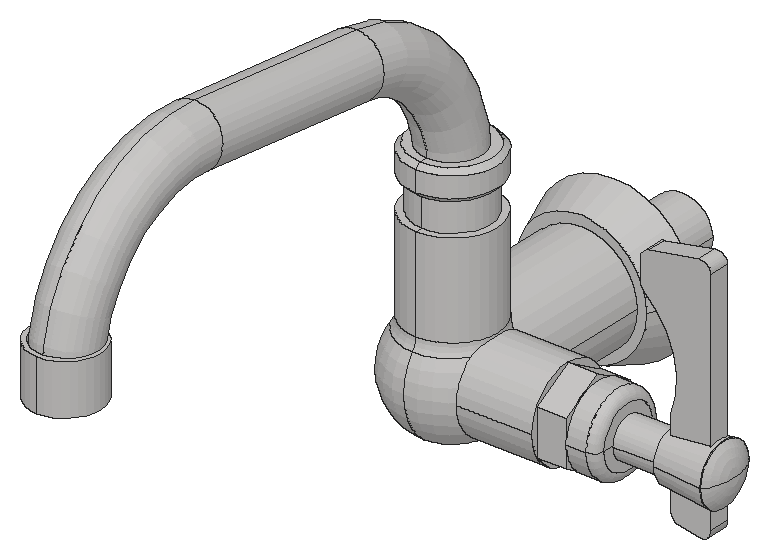
Revit family "Krowne_16-170L_DeckMount_Faucet", category Plumbing Fixtures, Revit 2018
Family settings
  Round Connector Dimension = Use Diameter
  Part Type = Normal
  OmniClass Number = 23.40.40.00
  OmniClass Title = Food Service Equipment and Furnishings
  Work Plane-Based = No
  Always vertical = Yes
  Cut with Voids When Loaded = No
  Shared = No
  Room Calculation Point = No
Parameters (values of type "DefaultType")
  Width = 4 1/4"
  Weight in Pounds = 5
  Watermarked By = ""
  Waste Water Discharge Temperature [instance] = -459.67 °F
  URL Cutsheet = ""
  URL = "https://krowne.com/"
  Status [instance] = ""
  Specification by User [instance] = ""
  Specification by Manufacturer [instance] = ""
  Serial Number [instance] = ""
  Revision Code [instance] = ""
  Plumbing Remarks [instance] = ""
  Plumbing Connection Type = ""
  NAFEM Spec ID Number [instance] = ""
  Model = "16-170L"
  Masterspec [instance] = ""
  Manufacturer = "Krowne Metal"
  KCLRef = "KCL2C9,,0004c5a4-0000-0000-0000-000000000307,KR,16-170L ,637111974180000000,daa662f4-44df-477f-a091-5477e4c53b82,82d55d99-e21f-4302-8e3a-ce61528cbe78"
  KCL SpecSheet URL = "http://kclweb.kclcad.com/imagehandler.ashx?kdoc=16-17xl&R=KR&M=16-170L%20&VC=7&TID=KCLWeb&T=doc"
  Item Number [instance] = "-"
  Installed By [instance] = ""
  Hot Water Temperature = 100 °F
  Height = 3 3/8"
  Furnished By [instance] = ""
  Foodservice Equipment Identifier = yes
  Description = "Deck Mount Faucet"
  Depth = 4 7/16"
  Cold Water Temperature Recommended = -459.67 °F
  Cold Water Size = 1/2"
  Cold Water RI Height [instance] = 0"
  Cold Water Minimum Pressure = 0.00 psi
  Cold Water Maximum Pressure = 0.00 psi
  Cold Water Flow = 1.8 GPM
  Cold Water Consumption = ""
  Cold Water Connection Height = 0"
  CSI MasterFormat = ""
  Assembly Code = "E1090300"
Reference planes (in)
  plane 1 "BACK": y = 2.625
  plane 2: z = 0
  plane 3 "LEFT": x = -13.31573
  plane 4 "RIGHT": x = -9.06573
  plane 5 "CENTER L/R": x = -12.56573
  plane 6: y = -0.9375
  plane 7: z = 5.5
  plane 8: z = 3.25
  plane 9: y = -6.9375
  plane 10: z = 3.0625
  plane 11: z = 5.1875
Forms (in)
  Sweep 1, solid, material "QF_Stainless-Polished"
    path origin (-12.56573, 0, 0) x (0, 1, 0) y (0, 0, 1)
      loop
        line (-0.9375, 2.5) -> (-0.9375, 3.04596)
        arc (-0.9375, 3.04596) -> (-1.37556, 4.20412) -> (-2.47044, 4.78245) r 1.75
        line (-2.47044, 4.78245) -> (-4.97044, 5.09495)
        arc (-4.97044, 5.09495) -> (-6.34565, 4.6704) -> (-6.9375, 3.35846) r 1.75
        line (-6.9375, 3.35846) -> (-6.9375, 3.0625)
    profile origin (-12.56573, -0.9375, 2.77298) x (0, -1, 0) y (1, 0, 0)
      loop
        circle (0, 0) r 0.375
      loop
        circle (0, 0) r 0.25
  Extrusion 2, solid, material "QF_Stainless-Polished"
    sketch origin (-12.56573, -6.9375, 3.0625) x (0, -1, 0) y (-1, 0, 0)
      loop
        circle (0, 0) r 0.375
      loop
        circle (0, 0) r 0.4375
    from 0 to -0.625
Lines and regions (in)
  symbolic lines
    curve 1: arc (-12.56573, -1.3125, 0) -> (-12.94073, -0.9375, 0) -> (-12.56573, -0.5625, 0) r 0.375
    curve 2: arc (-12.56573, -0.5625, 0) -> (-12.19073, -0.9375, 0) -> (-12.56573, -1.3125, 0) r 0.375
    curve 3: arc (-12.94073, -6.9375, 0) -> (-12.83089, -7.20267, 0) -> (-12.56573, -7.3125, 0) r 0.375
    curve 4: arc (-12.56573, -7.3125, 0) -> (-12.30056, -7.20267, 0) -> (-12.19073, -6.9375, 0) r 0.375
    curve 5: line (-12.94073, -6.9375, 0) -> (-12.94073, -0.9375, 0)
    curve 6: line (-12.19073, -0.9375, 0) -> (-12.19073, -6.9375, 0)
Dimensions and locks (in)
  "Width": plane 3 "LEFT" to plane 4 "RIGHT"
  plane 7 to plane 8 = 2 1/4"
  plane 9 to plane 6 = 6"
  plane 8 to plane 10 = 3/16"
  plane 6 to plane 1 "BACK" = 3 9/16"
  plane 11 to plane 8 = 1 15/16"
  aligned and locked: level to plane 2
  aligned and locked: plane 6 to Sweep 1 sketch curve
  aligned and locked: Sweep 1 sketch curve to plane 9
Automatic sketch dimensions
  Sweep 1 sketch curve to Sweep 1 sketch curve = 0"  (x2)
  Sweep 1 sketch curve to plane 5 "CENTER L/R" = 0"
  Sweep 1 sketch curve to profile plane = 0"
  curve 3 to curve 4 = 0"
  plane 9 to curve 5 = 0"
  plane 6 to curve 5 = 0"
  curve 1 to plane 5 "CENTER L/R" = 0"
  plane 6 to curve 6 = 0"
  plane 6 to curve 1 = 0"
  curve 5 to curve 3 = 3/8"
  Sweep 1 sketch curve to plane 10 = 0"
  plane 8 to Sweep 1 sketch curve = 0.10846"
  Sweep 1 sketch curve to plane 10 = 0.01654"
  Sweep 1 sketch curve to Sweep 1 sketch curve = 1 3/4"
  Sweep 1 sketch curve to plane 11 = 0.40505"
  Sweep 1 sketch curve to plane 11 = 0.09255"
  Sweep 1 sketch curve to Sweep 1 sketch curve = 0.21706"
  Sweep 1 sketch curve to Sweep 1 sketch curve = 0.54596"
  radius of Sweep 1 sketch curve = 3/8"
  radius of Sweep 1 sketch curve = 1/4"
  radius of Extrusion 2 sketch curve to Sweep 1 = 0"
  radius of Sweep 1 to Extrusion 2 sketch curve = 1/16"
Nested families (in)
  nested 1: "QF_Krowne_16-1_Body" at (-0.1875, -0.1875, 0), type "QF_Krowne_16-1_Body"
Connectors (in)
  piping at (-12.56573, 2.625, 0.75), diameter 0.5, driven by "Cold Water Flow", driven by "Cold Water Size"
    settings: on nested 1, index 1, connector inside diameter 24", connector length 0", flow factor 0, pipe flow 1.8 GPM, pressure drop 0.00 psi, fitting loss kfactor 0, connector angle 0.00°, fixture units 0, engagement length 0", angle of deflection 0.00°, flow configuration 1, flow direction 1, fitting loss method 0, system type 20, joint type 0, gender type 0, connector reference index -1, connector utility 0, adjustable connector no, is connector primary yes, connector description "WATER"
Definition of nested family "QF_Krowne_16-1_Body"
  Parameters (values of type "QF_Krowne_16-1_Body")
    Width = 1 1/2"
    Watermarked By = ""
    Height = 3 7/8"
    Description = ""
    Depth = 1 1/2"
  Reference planes (in)
    plane 1 "BACK": y = 0
    plane 2: z = 0
    plane 3 "LEFT": x = -13.12823
    plane 4 "RIGHT": x = -11.62823
    plane 5 "Center": x = -12.37823
    plane 6 "FRONT": y = -1.5
    plane 7 "Faucet Handle Center": y = -0.75
    plane 8: z = 2.5
    plane 9: z = 2.875
    plane 10 "TOP": z = 3.25
    plane 11: y = 1.25
    plane 12 "Back of Plug": y = 1.75
    plane 13: z = 0.75
    plane 14: x = -10.94073
  Forms (in)
    Revolve 1, solid
      sketch origin (-12.37823, 0, 0) x (0, 1, 0) y (0, 0, 1)
        loop
          arc (-0.75, 0) -> (-0.08276, 0.40752) -> (-0.14062, 1.18722) r 0.75
          arc (-0.14062, 1.18722) -> (-0.17549, 1.25641) -> (-0.1875, 1.33296) r 0.25
          line (-0.1875, 1.33296) -> (-0.1875, 2.5) -> (-0.75, 2.5) -> (-0.75, 0)
        axis (-0.75, 0) -> (-0.75, 2.5)
      angle from 0 to 360
    Revolve 2, solid
      sketch origin (-12.37823, 0, 0) x (0, 1, 0) y (0, 0, 1)
        loop
          line (-0.75, 3.25) -> (-0.75, 2.5) -> (-0.28183, 2.5) -> (-0.28183, 2.875) -> (-0.25, 2.875) -> (-0.1875, 2.9375) -> (-0.1875, 3.1875) -> (-0.25, 3.25) -> (-0.75, 3.25)
        axis (-0.75, 2.5) -> (-0.75, 3.25)
      angle from 0 to 360
    Extrusion 3, solid
      sketch origin (0, -0.75, 0) x (1, 0, 0) y (0, 0, 1)
        loop
          circle (-12.37823, 0.75) r 0.6875
      from 0 to -2
    Blend 4, solid
      base sketch origin (0, 1.75, 0) x (1, 0, 0) y (0, 0, 1)
        loop
          circle (-12.37823, 0.75) r 0.8125
      top sketch origin (0, 1.75, 0) x (1, 0, 0) y (0, 0, 1)
        loop
          circle (-12.37823, 0.75) r 1
      from 0.5 to 0
    Extrusion 5, solid
      sketch origin (0, 1.75, 0) x (1, 0, 0) y (0, 0, 1)
        loop
          circle (-12.37823, 0.75) r 0.375
      from 0 to -1.0625
    Extrusion 6, solid
      sketch origin (-12.37823, 0, 0) x (0, 1, 0) y (0, 0, 1)
        loop
          circle (-0.75, 0.75) r 0.5625
      from 0 to 1.4375
  Lines and regions (in)
    symbolic lines
      curve 1: circle (-12.37823, -0.75, 1.0625) r 0.75 normal (0, 0, 1)
      curve 2: line (-10.94073, -0.1875, 1.0625) -> (-11.88215, -0.1875, 1.0625)
      curve 3: line (-10.94073, -1.3125, 1.0625) -> (-11.88215, -1.3125, 1.0625)
      curve 4: line (-10.94073, -0.1875, 1.0625) -> (-10.94073, -0.26927, 1.0625)
      curve 5: line (-10.94073, -0.26927, 1.0625) -> (-10.94073, -1.24355, 1.0625)
      curve 6: line (-10.94073, -1.24355, 1.0625) -> (-10.94073, -1.3125, 1.0625)
      curve 7: circle (-12.37823, -0.75, 1.0625) r 0.5 normal (0, 0, 1)
      curve 8: line (-13.19073, 1.25, 1.0625) -> (-11.56573, 1.25, 1.0625)
      curve 9: line (-11.69073, 1.25, 1.0625) -> (-11.69073, -0.1875, 1.0625)
      curve 10: line (-13.06573, 1.25, 1.0625) -> (-13.06573, -0.45026, 1.0625)
      curve 11: line (-13.37823, 1.75, 1.0625) -> (-11.37823, 1.75, 1.0625)
      curve 12: line (-11.37823, 1.75, 1.0625) -> (-11.56573, 1.25, 1.0625)
      curve 13: line (-13.37823, 1.75, 1.0625) -> (-13.19073, 1.25, 1.0625)
      curve 14: line (-12.75323, 2.8125, 1.0625) -> (-12.00323, 2.8125, 1.0625)
      curve 15: line (-12.00323, 2.8125, 1.0625) -> (-12.00323, 1.75, 1.0625)
      curve 16: line (-12.75323, 2.8125, 1.0625) -> (-12.75323, 1.75, 1.0625)
  Dimensions and locks (in)
    "Width": plane 3 "LEFT" to plane 4 "RIGHT"
    equal spacing: plane 3 "LEFT", plane 5 "Center", plane 4 "RIGHT"
    equal spacing: plane 6 "FRONT", plane 7 "Faucet Handle Center", plane 1 "BACK"
    "Depth": plane 6 "FRONT" to plane 1 "BACK"
    plane 8 to level = 2 1/2"
    equal spacing: plane 10 "TOP", plane 9, plane 8
    locked: plane 11 to plane 12 "Back of Plug" at 0.5
    plane 13 to level = 3/4"
    plane 7 "Faucet Handle Center" to plane 11 = 2"
    aligned and locked: level to plane 2
    aligned and locked: plane 7 "Faucet Handle Center" to Revolve 1 sketch curve
    aligned and locked: Revolve 2 sketch curve to plane 7 "Faucet Handle Center"
    aligned and locked: Revolve 2 sketch curve to plane 8
    aligned and locked: Extrusion 3 to plane 11
    aligned and locked: Blend 4 to plane 12 "Back of Plug"
  Automatic sketch dimensions
    Revolve 1 sketch curve to level = 0"  (x2)
    Revolve 1 sketch curve to plane 7 "Faucet Handle Center" = 0"
    Revolve 1 sketch curve to plane 8 = 0"  (x2)
    plane 1 "BACK" to Revolve 1 sketch curve = 3/16"
    Revolve 1 sketch curve to plane 1 "BACK" = 1/16"
    plane 1 "BACK" to Revolve 1 sketch curve = 9/64"
    Revolve 1 sketch curve to Revolve 1 sketch curve = 0"
    Revolve 2 sketch curve to plane 7 "Faucet Handle Center" = 0"
    Revolve 2 sketch curve to plane 9 = 0"
    Revolve 2 sketch curve to plane 10 "TOP" = 0"  (x2)
    Revolve 2 sketch curve to plane 8 = 0"
    plane 1 "BACK" to Revolve 2 sketch curve = 0.28183"
    Revolve 2 sketch curve to Revolve 2 sketch curve = 0.03183"
    plane 1 "BACK" to Revolve 2 sketch curve = 1/4"
    Revolve 2 sketch curve to Revolve 2 sketch curve = 1/16"
    plane 9 to Revolve 2 sketch curve = 1/16"
    Revolve 2 sketch curve to plane 10 "TOP" = 1/16"
    Extrusion 3 sketch curve to plane 5 "Center" = 0"
    Extrusion 3 sketch curve to plane 13 = 0"
    Blend 4 sketch curve to plane 5 "Center" = 0"  (x2)
    Blend 4 sketch curve to plane 13 = 0"  (x2)
    Extrusion 5 sketch curve to plane 5 "Center" = 0"
    Extrusion 5 sketch curve to plane 13 = 0"
    Extrusion 6 sketch curve to plane 7 "Faucet Handle Center" = 0"
    Extrusion 6 sketch curve to plane 13 = 0"
    curve 1 to curve 7 = 0"  (x2)
    curve 3 to plane 14 = 0"
    curve 7 to plane 5 "Center" = 0"
    plane 7 "Faucet Handle Center" to curve 7 = 0"
    plane 11 to curve 9 = 0"
    plane 12 "Back of Plug" to curve 11 = 0"
    curve 5 to plane 6 "FRONT" = 0.25645"
    curve 6 to curve 5 = 0.06895"
    plane 1 "BACK" to curve 4 = 0.26927"
    curve 4 to curve 2 = 0.08177"
    curve 15 to plane 4 "RIGHT" = 3/8"
    curve 15 to plane 12 "Back of Plug" = 1 1/16"
    plane 4 "RIGHT" to curve 11 = 1/4"
    plane 4 "RIGHT" to curve 12 = 1/16"
    curve 8 to plane 3 "LEFT" = 1/16"
    curve 11 to plane 3 "LEFT" = 1/4"
    plane 3 "LEFT" to curve 10 = 1/16"
    curve 10 to plane 7 "Faucet Handle Center" = 0.29974"
    curve 9 to plane 4 "RIGHT" = 1/16"
    plane 3 "LEFT" to curve 16 = 3/8"
    radius of Extrusion 3 sketch curve = 11/16"
    radius of Blend 4 sketch curve = 13/16"
    radius of Blend 4 sketch curve = 1"
    radius of Extrusion 5 sketch curve = 3/8"
    radius of Extrusion 6 sketch curve = 9/16"
    radius of curve 7 = 1/2"
  Nested families (in)
    nested 1: "QF_Krowne_Faucet_Knob" at (-2.5625, 0.14984, 0.75), type "QF_Krowne_Faucet_Knob"
  Definition of nested family "QF_Krowne_Faucet_Knob"
    Parameters (values of type "QF_Krowne_Faucet_Knob")
      Width = 12 3/4"
      Watermarked By = ""
      Height = 3 7/8"
      Description = ""
      Depth = 1 13/16"
    Reference planes (in)
      plane 1 "BACK": y = 0
      plane 2: z = 0
      plane 3 "Right of Handle": x = -8.37823
      plane 4 "FRONT": y = -1.8125
      plane 5 "Faucet Handle Center": y = -0.90625
      plane 6: y = -0.78125
      plane 7: y = -1.03125
    Forms (in)
      Extrusion 1, solid
        sketch origin (-8.37823, 0, 8.37823) x (0, 1, 0) y (0, 0, 1)
          loop
            line (-0.90625, -7.81573) -> (-1.39339, -8.09698) -> (-1.39339, -8.65948) -> (-0.90625, -8.94073) -> (-0.41911, -8.65948) -> (-0.41911, -8.09698) -> (-0.90625, -7.81573)
        from 0 to 0.375
      Revolve 2, solid
        sketch origin (-12.37823, 0, 0) x (0, 1, 0) y (-1, 0, 0)
          loop
            line (-0.90625, -4.375) -> (-0.90625, -4.75) -> (-0.53125, -4.75)
            arc (-0.53125, -4.75) -> (-0.44286, -4.71339) -> (-0.40625, -4.625) r 0.125
            line (-0.40625, -4.625) -> (-0.40625, -4.375) -> (-0.90625, -4.375)
          axis (-0.90625, -4.375) -> (-0.90625, -4.75)
        angle from 0 to 360
      Revolve 3, solid
        sketch origin (-12.37823, 0, 0) x (0, 1, 0) y (-1, 0, 0)
          loop
            line (-0.90625, -4.75) -> (-0.90625, -5.3125) -> (-0.65625, -5.3125) -> (-0.65625, -4.75) -> (-0.90625, -4.75)
          axis (-0.90625, -4.75) -> (-0.90625, -5.3125)
        angle from 0 to 360
      Revolve 4, solid
        sketch origin (-12.37823, 0, 0) x (0, 1, 0) y (-1, 0, 0)
          loop
            line (-0.90625, -5.3125) -> (-0.90625, -5.9375) -> (-0.53125, -5.9375) -> (-0.59375, -5.3125) -> (-0.90625, -5.3125)
          axis (-0.90625, -5.3125) -> (-0.90625, -5.9375)
        angle from 0 to 360
      Revolve 5, solid
        sketch origin (-12.37823, 0, 0) x (0, 1, 0) y (-1, 0, 0)
          loop
            line (-0.90625, -5.9375) -> (-0.90625, -6.0625)
            arc (-0.90625, -6.0625) -> (-0.70704, -6.03513) -> (-0.53125, -5.9375) r 0.54601
            line (-0.53125, -5.9375) -> (-0.90625, -5.9375)
          axis (-0.90625, -5.9375) -> (-0.90625, -6.0625)
        angle from 0 to 360
      Extrusion 6, solid
        sketch origin (-12.37823, -0.90625, 8.37823) x (0, 0, 1) y (-1, 0, 0)
          loop
            arc (-6.12823, -5.875) -> (-6.03156, -5.82925) -> (-6.00565, -5.72549) r 0.125
            line (-6.00565, -5.72549) -> (-6.13064, -5.10053)
            arc (-6.13064, -5.10053) -> (-6.17396, -5.02837) -> (-6.25321, -5.00004) r 0.125
            line (-6.25321, -5.00004) -> (-6.5031, -5.00004)
            arc (-6.5031, -5.00004) -> (-6.55588, -5.01173) -> (-6.59879, -5.04462) r 0.125
            arc (-6.59879, -5.04462) -> (-7.17151, -5.40979) -> (-7.85017, -5.38199) r 1.13354
            arc (-7.85017, -5.38199) -> (-7.871, -5.37648) -> (-7.89247, -5.37462) r 0.125
            line (-7.89247, -5.37462) -> (-8.92568, -5.37462)
            arc (-8.92568, -5.37462) -> (-9.00493, -5.40295) -> (-9.04825, -5.47511) r 0.125
            line (-9.04825, -5.47511) -> (-9.09832, -5.72549)
            arc (-9.09832, -5.72549) -> (-9.07242, -5.82925) -> (-8.97575, -5.875) r 0.125
            line (-8.97575, -5.875) -> (-6.12823, -5.875)
        from -0.125 to 0.125
    Lines and regions (in)
      symbolic lines
        curve 1: line (-8.37823, -1.39339, 1.0625) -> (-8.37823, -0.41911, 1.0625)
        curve 2: line (-8.00323, -0.41911, 1.0625) -> (-8.00323, -1.39339, 1.0625)
        curve 3: line (-7.62823, -0.54411, 1.0625) -> (-7.62823, -1.26839, 1.0625)
        curve 4: line (-7.75323, -0.41911, 1.0625) -> (-8.37823, -0.41911, 1.0625)
        curve 5: line (-8.37823, -1.39339, 1.0625) -> (-7.75323, -1.39339, 1.0625)
        curve 6: line (-7.06573, -0.59375, 1.0625) -> (-7.06573, -1.21875, 1.0625)
        curve 7: line (-6.44073, -0.53125, 1.0625) -> (-6.44073, -1.28125, 1.0625)
        curve 8: arc (-7.62823, -0.54411, 1.0625) -> (-7.66484, -0.45572, 1.0625) -> (-7.75323, -0.41911, 1.0625) r 0.125
        curve 9: arc (-7.75323, -1.39339, 1.0625) -> (-7.66484, -1.35678, 1.0625) -> (-7.62823, -1.26839, 1.0625) r 0.125
        curve 10: line (-7.06573, -0.59375, 1.0625) -> (-6.44073, -0.53125, 1.0625)
        curve 11: line (-7.06573, -1.21875, 1.0625) -> (-6.44073, -1.28125, 1.0625)
        curve 12: arc (-6.44073, -1.28125, 1.0625) -> (-6.2854, -0.90625, 1.0625) -> (-6.44073, -0.53125, 1.0625) r 0.53035
        curve 13: line (-7.62823, -0.66911, 1.0625) -> (-7.06573, -0.66911, 1.0625)
        curve 14: line (-7.62823, -1.14339, 1.0625) -> (-7.06573, -1.14339, 1.0625)
    Dimensions and locks (in)
      equal spacing: plane 4 "FRONT", plane 5 "Faucet Handle Center", plane 1 "BACK"
      equal spacing: plane 7, plane 5 "Faucet Handle Center", plane 6
      locked: plane 7 to plane 6 at 0.25
      "Depth": plane 4 "FRONT" to plane 1 "BACK"
      aligned and locked: level to plane 2
      aligned and locked: Revolve 2 sketch curve to Extrusion 1
      aligned and locked: Revolve 4 sketch curve to Revolve 4 sketch curve
    Automatic sketch dimensions
      Extrusion 1 sketch curve to plane 5 "Faucet Handle Center" = 0"  (x2)
      Extrusion 1 sketch curve to level = 9/32"  (x2)
      plane 7 to Extrusion 1 sketch curve = 0.36214"
      Extrusion 1 sketch curve to plane 6 = 0.36214"
      Extrusion 1 sketch curve to level = 9/16"
      level to Extrusion 1 sketch curve = 9/32"  (x2)
      Extrusion 1 sketch curve to Extrusion 1 sketch curve = 9/32"
      plane 5 "Faucet Handle Center" to Revolve 2 sketch curve = 0"  (x2)
      Revolve 2 sketch curve to plane 6 = 1/4"
      Revolve 2 sketch curve to Revolve 2 sketch curve = 1/8"
      Revolve 2 sketch curve to Revolve 2 sketch curve = 0"  (x2)
      Revolve 2 sketch curve to Revolve 2 sketch curve = 1/4"
      plane 5 "Faucet Handle Center" to Revolve 3 sketch curve = 0"  (x2)
      Revolve 3 sketch curve to plane 6 = 1/8"
      plane 3 "Right of Handle" to Revolve 3 sketch curve = 1 5/16"
      Revolve 3 sketch curve to Revolve 3 sketch curve = 9/16"
      Revolve 3 sketch curve to Revolve 3 sketch curve = 0"
      Revolve 3 sketch curve to Revolve 3 sketch curve = 3/8"
      plane 5 "Faucet Handle Center" to Revolve 4 sketch curve = 0"
      Revolve 4 sketch curve to plane 6 = 3/16"
      Revolve 4 sketch curve to plane 6 = 1/4"
      plane 3 "Right of Handle" to Revolve 4 sketch curve = 1 15/16"
      Revolve 4 sketch curve to Revolve 4 sketch curve = 5/8"
      Revolve 4 sketch curve to Revolve 4 sketch curve = 0"  (x2)
      plane 5 "Faucet Handle Center" to Revolve 5 sketch curve = 0"  (x2)
      Revolve 5 sketch curve to plane 5 "Faucet Handle Center" = 0.02655"
      Revolve 5 sketch curve to plane 6 = 1/4"
      plane 3 "Right of Handle" to Revolve 5 sketch curve = 2 1/16"
      Revolve 5 sketch curve to Revolve 5 sketch curve = 1/8"
      Revolve 5 sketch curve to Revolve 5 sketch curve = 0"  (x2)
      Extrusion 6 sketch curve to level = 0.7201"
      Extrusion 6 sketch curve to Extrusion 6 sketch curve = 0.05007"
      Extrusion 6 sketch curve to Extrusion 6 sketch curve = 0.12257"  (x4)
      level to Extrusion 6 sketch curve = 0.48575"
      level to Extrusion 6 sketch curve = 0.91165"
      Extrusion 6 sketch curve to Extrusion 6 sketch curve = 0.96348"
      Extrusion 6 sketch curve to Extrusion 6 sketch curve = 0.24989"
      Extrusion 6 sketch curve to Extrusion 6 sketch curve = 1/8"  (x3)
      plane 3 "Right of Handle" to Extrusion 6 sketch curve = 1 7/8"
      Extrusion 6 sketch curve to Extrusion 6 sketch curve = 0.25038"
      Extrusion 6 sketch curve to Extrusion 6 sketch curve = 0"  (x3)
      Extrusion 6 sketch curve to Extrusion 6 sketch curve = 0.02451"  (x2)
      Extrusion 6 sketch curve to Extrusion 6 sketch curve = 0.62496"
      Extrusion 6 sketch curve to Extrusion 6 sketch curve = 1.05929"
      curve 5 to plane 3 "Right of Handle" = 0"
      plane 5 "Faucet Handle Center" to curve 12 = 0"
      plane 7 to curve 11 = 3/16"
      plane 7 to curve 9 = 0.23714"
      plane 7 to curve 7 = 1/4"
      plane 7 to curve 1 = 0.36214"
      curve 6 to plane 6 = 3/16"
      curve 8 to plane 6 = 0.23714"
      curve 4 to plane 6 = 0.36214"
      curve 4 to curve 1 = 5/8"
      curve 10 to curve 8 = 9/16"
      curve 12 to curve 13 = 0.24997"
      curve 7 to curve 12 = 0.37503"
      curve 6 to curve 14 = 0.07536"
      curve 13 to plane 6 = 0.11214"
      curve 4 to curve 2 = 1/4"
